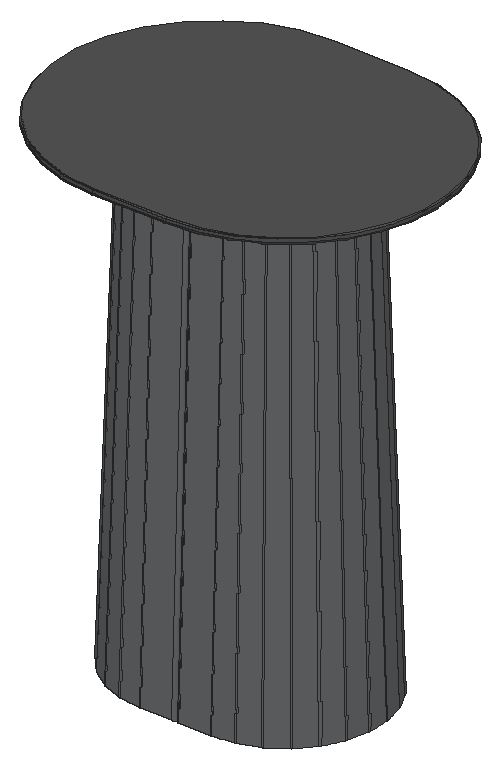
Revit family "NAU_Naughtone_Tbls_Tun", category Furniture, Revit 2018
Family settings
  OmniClass Number = 23.40.20.00
  OmniClass Title = General Furniture and Specialties
  Work Plane-Based = No
  Always vertical = Yes
  Cut with Voids When Loaded = No
  Shared = Yes
  Room Calculation Point = No
Parameters (values of type "Tun 420 Side Table Steel Base")
  WorksurfaceArea = 0.00 m²
  WarrantyStartDate [instance] = "1900-12-31T23:59:59"
  WarrantyGuarantorParts = "sales@naughtone.com"
  WarrantyGuarantorLabor = "sales@naughtone.com"
  WarrantyDurationUnit = "year"
  WarrantyDurationParts = "7"
  WarrantyDurationLabor = "7"
  WarrantyDescription = "Request warranty information from naughtone"
  Version = "1"
  UpholsteryMaterial [instance] = NAU_Kvadrat_Fabric_TonusMeadow_115
  Uniclass2015Version = "n/a"
  Uniclass2015Title = "Desks, tables and worktops"
  Uniclass2015Code = "Pr_40_50_21"
  URL = "www.naughtone.com"
  TagNumber [instance] = "n/a"
  TableTopMaterial [instance] = NAU_Generic_MFMDF_Black
  SustainabilityPerformance = "n/a"  # constant formula
  Style = "n/a"
  Size = "422 x 340 x 550mm"
  Shape = "Rectangular"
  SerialNumber [instance] = "n/a"
  Revision = "0"
  ReplacementCost = "n/a"
  Radius = NominalWidth / 2  # 170 mm
  ProductInformation = "www.naughtone.com/products/"
  NumberOfChairs = 0
  NominalWidth = 340 mm
  NominalLength = 422 mm
  NominalHeight = 550 mm
  Name = "Tables_Tun_Naughtone"
  NBSTypeID = "n/a"
  NBSReference = "45-35-86/327"
  NBSOfficeMasterTag = "n/a"
  NBSDescription = "Tables"
  ModelReference = "Tun 420 Side Table Steel Base"
  ModelNumber = "TUN420ST"
  Model = ModelNumber  # "TUN420ST"
  Material = "Top available in white or black MFMDF; oak or walnut veneer; or Forbo lino"
  ManufacturerURL = "www.naughtone.com"
  ManufacturerName = "Naughtone"  # constant formula
  ManufacturerAddress = "Knaresborough Tech Park, Manse Lane, Knaresborough, HG5 8LF"
  Manufacturer = "sales@naughtone.com"
  MainColor = Color  # "Black"
  Keynote = Uniclass2015Code  # "Pr_40_50_21"
  IsTUN920UP = no
  IsTUN920ST = no
  IsTUN620UP = no
  IsTUN620ST = no
  IsTUN420UP = no
  IsTUN420ST = yes
  InstallationDate [instance] = "1900-12-31T23:59:59"
  IfcExportType = "TABLE"
  IfcExportAs = "IfcFurnishingElementType"
  Grade = "n/a"
  Finish = "Black, white or RAL steel base\r\n"
  Features = "n/a"
  ExpectedLife = "n/a"
  DurationUnit = "year"
  Description = ModelReference  # "Tun 420 Side Table Steel Base"
  ContactTelephoneNumber = "+44 (0) 1423 816500"
  ContactEmailAddress = "sales@naughtone.com"
  Constituents = "n/a"
  Color = "Black"
  CodePerformance = "n/a"
  Category = "Pr_40_50_21 : Desks, tables and worktops"
  BaseMaterial [instance] = NAU_Naughtone_Metal_PowderCoatSteel_BlackGrey
  BarCode [instance] = "n/a"
  BIMObjectName = "NAU_Naughtone_Tables_Tun"
  Author = "BIMBox"  # constant formula
  AssetType = "Movable"
  AssetIdentifier [instance] = "n/a"
  Assembly Code = "E2020200"
  AccessibilityPerformance = "n/a"
Reference planes
  plane 1 "Center (Front/Back)": y = 0
  plane 2: z = 0
  plane 3 "Center (Left/Right)": x = 0
  plane 4: y = 170
  plane 5: y = -170
  plane 6: x = -211
  plane 7: x = 211
  plane 8: z = 550
  plane 9: x = -41
  plane 10: x = 41
  plane 11: z = 532
Forms (mm)
  Extrusion 1, solid, material "NAU_Generic_MFMDF_Black" <- "TableTopMaterial"
    sketch origin (0, 0, 0) x (1, 0, 0) y (0, 1, 0)
      loop
        line (41, 170) -> (-41, 170)
        arc (-41, 170) -> (-211, 0) -> (-41, -170) r 170
        line (-41, -170) -> (41, -170)
        arc (41, -170) -> (211, 0) -> (41, 170) r 170
    from 532 to 550
  Sweep 2, void
    path in 3D
      loop
        arc (-41, 170, 550) -> (-211, 0, 550) -> (-41, -170, 550) r 170
        line (-41, -170, 550) -> (41, -170, 550)
        arc (41, -170, 550) -> (211, 0, 550) -> (41, 170, 550) r 170
        line (41, 170, 550) -> (-41, 170, 550)
    profile origin (0, 170, 550) x (0, -1, 0) y (0, 0, 1)
      loop
        line (1, 0) -> (0, 0) -> (0, -1) -> (1, 0)
      loop
        line (40, -18) -> (1.425, -6.428)
        arc (1.425, -6.428) -> (0.395, -5.706) -> (0, -4.512) r 2
        line (0, -4.512) -> (0, -18) -> (40, -18)
  Blend 3, solid, material "NAU_Kvadrat_Fabric_TonusMeadow_115" <- "UpholsteryMaterial", visible <- "IsTUN920UP"
    base sketch origin (0, 0, 0) x (1, 0, 0) y (0, 1, 0)
      loop
        line (-2.5, 177.717) -> (-108.843, 177.717)
        arc (-108.843, 177.717) -> (-286.56, 0) -> (-108.843, -177.717) r 177.717
        line (-108.843, -177.717) -> (-2.5, -177.717)
        arc (-2.5, -177.717) -> (-0.732, -176.985) -> (0, -175.217) r 2.5
        line (0, -175.217) -> (0, -148.506)
        arc (0, -148.506) -> (-0.732, -146.738) -> (-2.5, -146.006) r 2.5
        line (-2.5, -146.006) -> (-108.843, -146.006)
        arc (-108.843, -146.006) -> (-254.849, 0) -> (-108.843, 146.006) r 146.006
        line (-108.843, 146.006) -> (-2.5, 146.006)
        arc (-2.5, 146.006) -> (-0.732, 146.738) -> (0, 148.506) r 2.5
        line (0, 148.506) -> (0, 175.217)
        arc (0, 175.217) -> (-0.732, 176.985) -> (-2.5, 177.717) r 2.5
    top sketch origin (0, 0, 0) x (1, 0, 0) y (0, 1, 0)
      loop
        line (-2.5, 165.842) -> (-108.843, 165.842)
        arc (-108.843, 165.842) -> (-274.686, 0) -> (-108.843, -165.842) r 165.842
        line (-108.843, -165.842) -> (-2.5, -165.842)
        arc (-2.5, -165.842) -> (-0.732, -165.11) -> (0, -163.342) r 2.5
        line (0, -163.342) -> (0, -136.631)
        arc (0, -136.631) -> (-0.732, -134.863) -> (-2.5, -134.131) r 2.5
        line (-2.5, -134.131) -> (-108.843, -134.131)
        arc (-108.843, -134.131) -> (-242.974, 0) -> (-108.843, 134.131) r 134.131
        line (-108.843, 134.131) -> (-2.5, 134.131)
        arc (-2.5, 134.131) -> (-0.732, 134.863) -> (0, 136.631) r 2.5
        line (0, 136.631) -> (0, 163.342)
        arc (0, 163.342) -> (-0.732, 165.11) -> (-2.5, 165.842) r 2.5
    from 0 to 332
  Blend 4, solid, material "NAU_Kvadrat_Fabric_TonusMeadow_115" <- "UpholsteryMaterial", visible <- "IsTUN920UP"
    base sketch origin (0, 0, 0) x (-1, 0, 0) y (0, -1, 0)
      loop
        arc (-2.5, -177.717) -> (-0.732, -176.985) -> (0, -175.217) r 2.5
        line (0, -175.217) -> (0, -148.506)
        arc (0, -148.506) -> (-0.732, -146.738) -> (-2.5, -146.006) r 2.5
        line (-2.5, -146.006) -> (-108.843, -146.006)
        arc (-108.843, -146.006) -> (-254.849, 0) -> (-108.843, 146.006) r 146.006
        line (-108.843, 146.006) -> (-2.5, 146.006)
        arc (-2.5, 146.006) -> (-0.732, 146.738) -> (0, 148.506) r 2.5
        line (0, 148.506) -> (0, 175.217)
        arc (0, 175.217) -> (-0.732, 176.985) -> (-2.5, 177.717) r 2.5
        line (-2.5, 177.717) -> (-108.843, 177.717)
        arc (-108.843, 177.717) -> (-286.56, 0) -> (-108.843, -177.717) r 177.717
        line (-108.843, -177.717) -> (-2.5, -177.717)
    top sketch origin (0, 0, 0) x (-1, 0, 0) y (0, -1, 0)
      loop
        arc (-2.5, -165.842) -> (-0.732, -165.11) -> (0, -163.342) r 2.5
        line (0, -163.342) -> (0, -136.631)
        arc (0, -136.631) -> (-0.732, -134.863) -> (-2.5, -134.131) r 2.5
        line (-2.5, -134.131) -> (-108.843, -134.131)
        arc (-108.843, -134.131) -> (-242.974, 0) -> (-108.843, 134.131) r 134.131
        line (-108.843, 134.131) -> (-2.5, 134.131)
        arc (-2.5, 134.131) -> (-0.732, 134.863) -> (0, 136.631) r 2.5
        line (0, 136.631) -> (0, 163.342)
        arc (0, 163.342) -> (-0.732, 165.11) -> (-2.5, 165.842) r 2.5
        line (-2.5, 165.842) -> (-108.843, 165.842)
        arc (-108.843, 165.842) -> (-274.686, 0) -> (-108.843, -165.842) r 165.842
        line (-108.843, -165.842) -> (-2.5, -165.842)
    from 0 to 332
  Blend 5, solid, material "NAU_Kvadrat_Fabric_TonusMeadow_115" <- "UpholsteryMaterial", visible <- "IsTUN620UP"
    base sketch origin (0, 0, 0) x (1, 0, 0) y (0, 1, 0)
      loop
        line (-2.5, 142.581) -> (-52.929, 142.581)
        arc (-52.929, 142.581) -> (-195.51, 0) -> (-52.929, -142.581) r 142.581
        line (-52.929, -142.581) -> (-2.5, -142.581)
        arc (-2.5, -142.581) -> (-0.732, -141.848) -> (0, -140.081) r 2.5
        line (0, -140.081) -> (0, -113.369)
        arc (0, -113.369) -> (-0.732, -111.602) -> (-2.5, -110.869) r 2.5
        line (-2.5, -110.869) -> (-52.929, -110.869)
        arc (-52.929, -110.869) -> (-163.798, 0) -> (-52.929, 110.869) r 110.869
        line (-52.929, 110.869) -> (-2.5, 110.869)
        arc (-2.5, 110.869) -> (-0.732, 111.602) -> (0, 113.369) r 2.5
        line (0, 113.369) -> (0, 140.081)
        arc (0, 140.081) -> (-0.732, 141.848) -> (-2.5, 142.581) r 2.5
    top sketch origin (0, 0, 0) x (1, 0, 0) y (0, 1, 0)
      loop
        line (-2.5, 128.638) -> (-51.97, 128.638)
        arc (-51.97, 128.638) -> (-180.608, 0) -> (-51.97, -128.638) r 128.638
        line (-51.97, -128.638) -> (-2.5, -128.638)
        arc (-2.5, -128.638) -> (-0.732, -127.906) -> (0, -126.138) r 2.5
        line (0, -126.138) -> (0, -99.426)
        arc (0, -99.426) -> (-0.732, -97.659) -> (-2.5, -96.926) r 2.5
        line (-2.5, -96.926) -> (-51.97, -96.926)
        arc (-51.97, -96.926) -> (-148.897, 0) -> (-51.97, 96.926) r 96.926
        line (-51.97, 96.926) -> (-2.5, 96.926)
        arc (-2.5, 96.926) -> (-0.732, 97.659) -> (0, 99.426) r 2.5
        line (0, 99.426) -> (0, 126.138)
        arc (0, 126.138) -> (-0.732, 127.906) -> (-2.5, 128.638) r 2.5
    from 0 to 432
  Blend 6, solid, material "NAU_Kvadrat_Fabric_TonusMeadow_115" <- "UpholsteryMaterial", visible <- "IsTUN620UP"
    base sketch origin (0, 0, 0) x (-1, 0, 0) y (0, -1, 0)
      loop
        arc (-2.5, -142.581) -> (-0.732, -141.848) -> (0, -140.081) r 2.5
        line (0, -140.081) -> (0, -113.369)
        arc (0, -113.369) -> (-0.732, -111.602) -> (-2.5, -110.869) r 2.5
        line (-2.5, -110.869) -> (-52.929, -110.869)
        arc (-52.929, -110.869) -> (-163.798, 0) -> (-52.929, 110.869) r 110.869
        line (-52.929, 110.869) -> (-2.5, 110.869)
        arc (-2.5, 110.869) -> (-0.732, 111.602) -> (0, 113.369) r 2.5
        line (0, 113.369) -> (0, 140.081)
        arc (0, 140.081) -> (-0.732, 141.848) -> (-2.5, 142.581) r 2.5
        line (-2.5, 142.581) -> (-52.929, 142.581)
        arc (-52.929, 142.581) -> (-195.51, 0) -> (-52.929, -142.581) r 142.581
        line (-52.929, -142.581) -> (-2.5, -142.581)
    top sketch origin (0, 0, 0) x (-1, 0, 0) y (0, -1, 0)
      loop
        arc (-2.5, -128.638) -> (-0.732, -127.906) -> (0, -126.138) r 2.5
        line (0, -126.138) -> (0, -99.426)
        arc (0, -99.426) -> (-0.732, -97.659) -> (-2.5, -96.926) r 2.5
        line (-2.5, -96.926) -> (-51.97, -96.926)
        arc (-51.97, -96.926) -> (-148.897, 0) -> (-51.97, 96.926) r 96.926
        line (-51.97, 96.926) -> (-2.5, 96.926)
        arc (-2.5, 96.926) -> (-0.732, 97.659) -> (0, 99.426) r 2.5
        line (0, 99.426) -> (0, 126.138)
        arc (0, 126.138) -> (-0.732, 127.906) -> (-2.5, 128.638) r 2.5
        line (-2.5, 128.638) -> (-51.97, 128.638)
        arc (-51.97, 128.638) -> (-180.608, 0) -> (-51.97, -128.638) r 128.638
        line (-51.97, -128.638) -> (-2.5, -128.638)
    from 0 to 432
  Blend 7, solid, material "NAU_Kvadrat_Fabric_TonusMeadow_115" <- "UpholsteryMaterial", visible <- "IsTUN420UP"
    base sketch origin (0, 0, 0) x (1, 0, 0) y (0, 1, 0)
      loop
        line (-2.5, 108.577) -> (-39.926, 108.577)
        arc (-39.926, 108.577) -> (-148.503, 0) -> (-39.926, -108.577) r 108.577
        line (-39.926, -108.577) -> (-2.5, -108.577)
        arc (-2.5, -108.577) -> (-0.732, -107.844) -> (0, -106.076) r 2.5
        line (0, -106.076) -> (0, -79.365)
        arc (0, -79.365) -> (-0.732, -77.598) -> (-2.5, -76.865) r 2.5
        line (-2.5, -76.865) -> (-39.926, -76.865)
        arc (-39.926, -76.865) -> (-116.791, 0) -> (-39.926, 76.865) r 76.865
        line (-39.926, 76.865) -> (-2.5, 76.865)
        arc (-2.5, 76.865) -> (-0.732, 77.598) -> (0, 79.365) r 2.5
        line (0, 79.365) -> (0, 106.076)
        arc (0, 106.076) -> (-0.732, 107.844) -> (-2.5, 108.577) r 2.5
    top sketch origin (0, 0, 0) x (1, 0, 0) y (0, 1, 0)
      loop
        line (-2.5, 90.973) -> (-39.521, 90.973)
        arc (-39.521, 90.973) -> (-130.494, 0) -> (-39.521, -90.973) r 90.973
        line (-39.521, -90.973) -> (-2.5, -90.973)
        arc (-2.5, -90.973) -> (-0.732, -90.241) -> (0, -88.473) r 2.5
        line (0, -88.473) -> (0, -61.762)
        arc (0, -61.762) -> (-0.732, -59.994) -> (-2.5, -59.262) r 2.5
        line (-2.5, -59.262) -> (-39.521, -59.262)
        arc (-39.521, -59.262) -> (-98.783, 0) -> (-39.521, 59.262) r 59.262
        line (-39.521, 59.262) -> (-2.5, 59.262)
        arc (-2.5, 59.262) -> (-0.732, 59.994) -> (0, 61.762) r 2.5
        line (0, 61.762) -> (0, 88.473)
        arc (0, 88.473) -> (-0.732, 90.241) -> (-2.5, 90.973) r 2.5
    from 0 to 532
  Blend 8, solid, material "NAU_Kvadrat_Fabric_TonusMeadow_115" <- "UpholsteryMaterial", visible <- "IsTUN420UP"
    base sketch origin (0, 0, 0) x (1, 0, 0) y (0, 1, 0)
      loop
        arc (2.5, 108.577) -> (0.732, 107.844) -> (0, 106.076) r 2.5
        line (0, 106.076) -> (0, 79.365)
        arc (0, 79.365) -> (0.732, 77.598) -> (2.5, 76.865) r 2.5
        line (2.5, 76.865) -> (39.926, 76.865)
        arc (39.926, 76.865) -> (116.791, 0) -> (39.926, -76.865) r 76.865
        line (39.926, -76.865) -> (2.5, -76.865)
        arc (2.5, -76.865) -> (0.732, -77.598) -> (0, -79.365) r 2.5
        line (0, -79.365) -> (0, -106.076)
        arc (0, -106.076) -> (0.732, -107.844) -> (2.5, -108.577) r 2.5
        line (2.5, -108.577) -> (39.926, -108.577)
        arc (39.926, -108.577) -> (148.503, 0) -> (39.926, 108.577) r 108.577
        line (39.926, 108.577) -> (2.5, 108.577)
    top sketch origin (0, 0, 0) x (1, 0, 0) y (0, 1, 0)
      loop
        arc (2.5, 90.973) -> (0.732, 90.241) -> (0, 88.473) r 2.5
        line (0, 88.473) -> (0, 61.762)
        arc (0, 61.762) -> (0.732, 59.994) -> (2.5, 59.262) r 2.5
        line (2.5, 59.262) -> (39.521, 59.262)
        arc (39.521, 59.262) -> (98.783, 0) -> (39.521, -59.262) r 59.262
        line (39.521, -59.262) -> (2.5, -59.262)
        arc (2.5, -59.262) -> (0.732, -59.994) -> (0, -61.762) r 2.5
        line (0, -61.762) -> (0, -88.473)
        arc (0, -88.473) -> (0.732, -90.241) -> (2.5, -90.973) r 2.5
        line (2.5, -90.973) -> (39.521, -90.973)
        arc (39.521, -90.973) -> (130.494, 0) -> (39.521, 90.973) r 90.973
        line (39.521, 90.973) -> (2.5, 90.973)
    from 0 to 532
Cuts and joins
  Sweep 2 cuts Extrusion 1
Lines and regions (mm)
  sketch lines
    curve 1: line (41, 170, 550) -> (-41, 170, 550)
    curve 2: arc (-41, -170, 550) -> (-211, 0, 550) -> (-41, 170, 550) r 170
    curve 3: arc (41, 170, 550) -> (211, 0, 550) -> (41, -170, 550) r 170
    curve 4: line (-41, -170, 550) -> (41, -170, 550)
Dimensions and locks
  equal spacing: plane 6, plane 3 "Center (Left/Right)", plane 7
  "NominalLength": plane 6 to plane 7
  equal spacing: plane 5, plane 1 "Center (Front/Back)", plane 4
  "NominalWidth": plane 5 to plane 4
  "Radius": plane 6 to plane 9
  "Radius": plane 10 to plane 7
  locked: plane 11 to plane 8 at 18
  "NominalHeight": plane 8 to plane 2
  profile plane to Sweep 2 sketch curve to Sweep 2 sketch curve = 2 mm locked, 38 mm locked
  locked: profile plane to Sweep 2 sketch curve at 1  (x2)
  Blend 3 sketch curve to Blend 3 sketch curve to Blend 3 sketch curve to Blend 3 sketch curve to plane 1 "Center (Front/Back)" to Blend 3 sketch curve to Blend 3 sketch curve to Blend 3 sketch curve to Blend 3 sketch curve = 2.5 mm locked, 26.711 mm locked, 2.5 mm locked, 134.131 mm locked, 134.131 mm locked, 2.5 mm locked, 26.711 mm locked, 2.5 mm locked
  plane 3 "Center (Left/Right)" to Blend 3 sketch curve to Blend 3 sketch curve to Blend 3 sketch curve to Blend 3 sketch curve to Blend 3 sketch curve to Blend 3 sketch curve = 2.5 mm locked, 0 mm locked, 0 mm locked, 0 mm locked, 106.343 mm locked, 0 mm locked  (x2)
  Blend 3 sketch curve to Blend 3 sketch curve to Blend 3 sketch curve to Blend 3 sketch curve to plane 1 "Center (Front/Back)" to Blend 3 sketch curve to Blend 3 sketch curve to Blend 3 sketch curve to Blend 3 sketch curve = 2.5 mm locked, 26.711 mm locked, 2.5 mm locked, 146.006 mm locked, 146.006 mm locked, 2.5 mm locked, 26.711 mm locked, 2.5 mm locked
  Blend 5 sketch curve to Blend 5 sketch curve to Blend 5 sketch curve to Blend 5 sketch curve to plane 1 "Center (Front/Back)" to Blend 5 sketch curve to Blend 5 sketch curve to Blend 5 sketch curve to Blend 5 sketch curve = 2.5 mm locked, 26.711 mm locked, 2.5 mm locked, 96.926 mm locked, 96.926 mm locked, 2.5 mm locked, 26.711 mm locked, 2.5 mm locked
  plane 3 "Center (Left/Right)" to Blend 5 sketch curve to Blend 5 sketch curve to Blend 5 sketch curve to Blend 5 sketch curve to Blend 5 sketch curve to Blend 5 sketch curve = 2.5 mm locked, 0 mm locked, 0 mm locked, 0 mm locked, 49.47 mm locked, 0 mm locked
  plane 3 "Center (Left/Right)" to Blend 5 sketch curve to Blend 5 sketch curve to Blend 5 sketch curve to Blend 5 sketch curve to Blend 5 sketch curve to Blend 5 sketch curve = 2.5 mm locked, 0 mm locked, 0 mm locked, 0 mm locked, 50.429 mm locked, 0 mm locked
  Blend 5 sketch curve to Blend 5 sketch curve to Blend 5 sketch curve to Blend 5 sketch curve to plane 1 "Center (Front/Back)" to Blend 5 sketch curve to Blend 5 sketch curve to Blend 5 sketch curve to Blend 5 sketch curve = 2.5 mm locked, 26.711 mm locked, 2.5 mm locked, 110.869 mm locked, 110.869 mm locked, 2.5 mm locked, 26.711 mm locked, 2.5 mm locked
  Blend 7 sketch curve to Blend 7 sketch curve to Blend 7 sketch curve to Blend 7 sketch curve to plane 1 "Center (Front/Back)" to Blend 7 sketch curve to Blend 7 sketch curve to Blend 7 sketch curve to Blend 7 sketch curve = 2.5 mm locked, 26.711 mm locked, 2.5 mm locked, 76.865 mm locked, 76.865 mm locked, 2.5 mm locked, 26.711 mm locked, 2.5 mm locked
  Blend 7 sketch curve to Blend 7 sketch curve to Blend 7 sketch curve to Blend 7 sketch curve to Blend 7 sketch curve to Blend 7 sketch curve to plane 3 "Center (Left/Right)" = 0 mm locked, 37.426 mm locked, 0 mm locked, 0 mm locked, 0 mm locked, 2.5 mm locked
  Blend 7 sketch curve to Blend 7 sketch curve to Blend 7 sketch curve to Blend 7 sketch curve to plane 1 "Center (Front/Back)" to Blend 7 sketch curve to Blend 7 sketch curve to Blend 7 sketch curve to Blend 7 sketch curve = 2.5 mm locked, 26.711 mm locked, 2.5 mm locked, 59.262 mm locked, 59.262 mm locked, 2.5 mm locked, 26.711 mm locked, 2.5 mm locked
  Blend 7 sketch curve to Blend 7 sketch curve to Blend 7 sketch curve to Blend 7 sketch curve to Blend 7 sketch curve to Blend 7 sketch curve to plane 3 "Center (Left/Right)" = 0 mm locked, 37.021 mm locked, 0 mm locked, 0 mm locked, 0 mm locked, 2.5 mm locked
  Blend 8 sketch curve to Blend 8 sketch curve to Blend 8 sketch curve to Blend 8 sketch curve to plane 1 "Center (Front/Back)" to Blend 8 sketch curve to Blend 8 sketch curve to Blend 8 sketch curve to Blend 8 sketch curve = 2.5 mm locked, 26.711 mm locked, 2.5 mm locked, 59.262 mm locked, 59.262 mm locked, 2.5 mm locked, 26.711 mm locked, 2.5 mm locked
  Blend 8 sketch curve to Blend 8 sketch curve to Blend 8 sketch curve to Blend 8 sketch curve to Blend 8 sketch curve to Blend 8 sketch curve to plane 3 "Center (Left/Right)" = 0 mm locked, 37.021 mm locked, 0 mm locked, 0 mm locked, 0 mm locked, 2.5 mm locked
  Blend 8 sketch curve to Blend 8 sketch curve to Blend 8 sketch curve to Blend 8 sketch curve to plane 1 "Center (Front/Back)" to Blend 8 sketch curve to Blend 8 sketch curve to Blend 8 sketch curve to Blend 8 sketch curve = 2.5 mm locked, 26.711 mm locked, 2.5 mm locked, 76.865 mm locked, 76.865 mm locked, 2.5 mm locked, 26.711 mm locked, 2.5 mm locked
  Blend 8 sketch curve to Blend 8 sketch curve to Blend 8 sketch curve to Blend 8 sketch curve to Blend 8 sketch curve to Blend 8 sketch curve to plane 3 "Center (Left/Right)" = 0 mm locked, 37.426 mm locked, 0 mm locked, 0 mm locked, 0 mm locked, 2.5 mm locked
  Blend 6 sketch curve to Blend 6 sketch curve to Blend 6 sketch curve to Blend 6 sketch curve to Blend 6 sketch curve to Blend 6 sketch curve to plane 3 "Center (Left/Right)" = 0 mm locked, 49.47 mm locked, 0 mm locked, 0 mm locked, 0 mm locked, 2.5 mm locked
  Blend 6 sketch curve to Blend 6 sketch curve to Blend 6 sketch curve to Blend 6 sketch curve to plane 1 "Center (Front/Back)" to Blend 6 sketch curve to Blend 6 sketch curve to Blend 6 sketch curve to Blend 6 sketch curve = 2.5 mm locked, 26.711 mm locked, 2.5 mm locked, 96.926 mm locked, 96.926 mm locked, 2.5 mm locked, 26.711 mm locked, 2.5 mm locked
  Blend 6 sketch curve to Blend 6 sketch curve to Blend 6 sketch curve to Blend 6 sketch curve to Blend 6 sketch curve to Blend 6 sketch curve to plane 3 "Center (Left/Right)" = 0 mm locked, 50.429 mm locked, 0 mm locked, 0 mm locked, 0 mm locked, 2.5 mm locked
  Blend 6 sketch curve to Blend 6 sketch curve to Blend 6 sketch curve to Blend 6 sketch curve to plane 1 "Center (Front/Back)" to Blend 6 sketch curve to Blend 6 sketch curve to Blend 6 sketch curve to Blend 6 sketch curve = 2.5 mm locked, 26.711 mm locked, 2.5 mm locked, 110.869 mm locked, 110.869 mm locked, 2.5 mm locked, 26.711 mm locked, 2.5 mm locked
  Blend 4 sketch curve to Blend 4 sketch curve to Blend 4 sketch curve to Blend 4 sketch curve to Blend 4 sketch curve to Blend 4 sketch curve to plane 3 "Center (Left/Right)" = 0 mm locked, 106.343 mm locked, 0 mm locked, 0 mm locked, 0 mm locked, 2.5 mm locked
  Blend 4 sketch curve to Blend 4 sketch curve to Blend 4 sketch curve to Blend 4 sketch curve to plane 1 "Center (Front/Back)" to Blend 4 sketch curve to Blend 4 sketch curve to Blend 4 sketch curve to Blend 4 sketch curve = 2.5 mm locked, 26.711 mm locked, 2.5 mm locked, 134.131 mm locked, 134.131 mm locked, 2.5 mm locked, 26.711 mm locked, 2.5 mm locked
  Blend 4 sketch curve to Blend 4 sketch curve to Blend 4 sketch curve to Blend 4 sketch curve to plane 1 "Center (Front/Back)" to Blend 4 sketch curve to Blend 4 sketch curve to Blend 4 sketch curve to Blend 4 sketch curve = 2.5 mm locked, 26.711 mm locked, 2.5 mm locked, 146.006 mm locked, 146.006 mm locked, 2.5 mm locked, 26.711 mm locked, 2.5 mm locked
  plane 3 "Center (Left/Right)" to Blend 4 sketch curve to Blend 4 sketch curve to Blend 4 sketch curve to Blend 4 sketch curve to Blend 4 sketch curve to Blend 4 sketch curve = 2.5 mm locked, 0 mm locked, 0 mm locked, 0 mm locked, 106.343 mm locked, 0 mm locked
  "Radius": radius of Extrusion 1 sketch curve  (x2)
  aligned and locked: level to plane 2
  aligned and locked: Extrusion 1 sketch curve to plane 5
  aligned and locked: plane 8 to Extrusion 1
  aligned and locked: plane 11 to Extrusion 1
  aligned and locked: plane 1 "Center (Front/Back)" to Extrusion 1 sketch curve
  aligned and locked: plane 10 to Extrusion 1 sketch curve
  aligned and locked: plane 9 to Extrusion 1 sketch curve
  aligned and locked: profile plane to Sweep 2 sketch curve  (x3)
  aligned and locked: Sweep 2 sketch curve to plane 11
  aligned and locked: plane 1 "Center (Front/Back)" to Blend 3 sketch curve  (x4)
  aligned and locked: plane 1 "Center (Front/Back)" to Blend 5 sketch curve  (x4)
  aligned and locked: plane 1 "Center (Front/Back)" to Blend 7 sketch curve  (x4)
  aligned and locked: plane 1 "Center (Front/Back)" to Blend 8 sketch curve  (x4)
  aligned and locked: plane 1 "Center (Front/Back)" to Blend 6 sketch curve  (x4)
  aligned and locked: plane 1 "Center (Front/Back)" to Blend 4 sketch curve  (x2)
  aligned and locked: plane 1 "Center (Front/Back)" to nested 1
  aligned and locked: plane 3 "Center (Left/Right)" to nested 1
Automatic sketch dimensions
  Sweep 2 sketch curve to profile plane = 0 mm
  Sweep 2 sketch curve to profile plane = 1.425 mm
  Sweep 2 sketch curve to Sweep 2 sketch curve = 5.428 mm
  Sweep 2 sketch curve to Sweep 2 sketch curve = 0 mm
Nested families
  nested 1: "NAU_Naughtone_Tbls_Tun_SteelBase" at (0, 0, 0), IsTUN420ST <- "IsTUN420ST", IsTUN620ST <- "IsTUN620ST", IsTUN920ST <- "IsTUN920ST", BaseMaterial <- "BaseMaterial", type "NAU_Naughtone_Tbls_Tun_SteelBase"
    with IsTUN920ST no, IsTUN620ST no, IsTUN420ST yes
Definition of nested family "NAU_Naughtone_Tbls_Tun_SteelBase"
  Parameters (values of type "NAU_Naughtone_Tbls_Tun_SteelBase")
    IsTUN920ST [instance] = no
    IsTUN620ST [instance] = no
    IsTUN420ST [instance] = yes
    BaseMaterial [instance] = none
  Reference planes
    plane 1 "Center (Front/Back)": y = 0
    plane 2: z = 0
    plane 3 "Center (Left/Right)": x = 0
  Forms (mm)
    Blend 1, solid, material <- "BaseMaterial", visible <- "IsTUN920ST"
      base sketch origin (0, 0, 0) x (1, 0, 0) y (0, 1, 0)
        loop
          arc (-108.056, 174.966) -> (-108.518, 174.955) -> (-108.978, 174.923) r 10
          line (-108.978, 174.923) -> (-139.568, 172.089)
          arc (-139.568, 172.089) -> (-140.3, 171.987) -> (-141.019, 171.817) r 8
          line (-141.019, 171.817) -> (-170.654, 163.386)
          arc (-170.654, 163.386) -> (-171.355, 163.151) -> (-172.031, 162.852) r 8
          line (-172.031, 162.852) -> (-199.612, 149.118)
          arc (-199.612, 149.118) -> (-200.258, 148.759) -> (-200.867, 148.341) r 8
          line (-200.867, 148.341) -> (-225.455, 129.773)
          arc (-225.455, 129.773) -> (-226.024, 129.301) -> (-226.546, 128.779) r 8
          line (-226.546, 128.779) -> (-247.304, 106.009)
          arc (-247.304, 106.009) -> (-247.776, 105.44) -> (-248.193, 104.831) r 8
          line (-248.193, 104.831) -> (-264.413, 78.635)
          arc (-264.413, 78.635) -> (-264.773, 77.989) -> (-265.071, 77.313) r 8
          line (-265.071, 77.313) -> (-276.202, 48.582)
          arc (-276.202, 48.582) -> (-276.437, 47.881) -> (-276.606, 47.162) r 8
          line (-276.606, 47.162) -> (-282.267, 16.876)
          arc (-282.267, 16.876) -> (-282.369, 16.144) -> (-282.403, 15.406) r 8
          line (-282.403, 15.406) -> (-282.403, -15.406)
          arc (-282.403, -15.406) -> (-282.369, -16.144) -> (-282.267, -16.876) r 8
          line (-282.267, -16.876) -> (-276.606, -47.162)
          arc (-276.606, -47.162) -> (-276.437, -47.881) -> (-276.202, -48.582) r 8
          line (-276.202, -48.582) -> (-265.071, -77.313)
          arc (-265.071, -77.313) -> (-264.773, -77.989) -> (-264.413, -78.635) r 8
          line (-264.413, -78.635) -> (-248.193, -104.831)
          arc (-248.193, -104.831) -> (-247.776, -105.44) -> (-247.304, -106.009) r 8
          line (-247.304, -106.009) -> (-226.546, -128.779)
          arc (-226.546, -128.779) -> (-226.024, -129.301) -> (-225.455, -129.773) r 8
          line (-225.455, -129.773) -> (-200.867, -148.341)
          arc (-200.867, -148.341) -> (-200.258, -148.759) -> (-199.612, -149.118) r 8
          line (-199.612, -149.118) -> (-172.031, -162.852)
          arc (-172.031, -162.852) -> (-171.355, -163.151) -> (-170.654, -163.386) r 8
          line (-170.654, -163.386) -> (-141.019, -171.817)
          arc (-141.019, -171.817) -> (-140.3, -171.987) -> (-139.568, -172.089) r 8
          line (-139.568, -172.089) -> (-108.978, -174.923)
          arc (-108.978, -174.923) -> (-108.518, -174.955) -> (-108.056, -174.966) r 10
          line (-108.056, -174.966) -> (-4, -174.966)
          arc (-4, -174.966) -> (-1.172, -173.794) -> (0, -170.966) r 4
          line (0, -170.966) -> (0, -125.813) -> (-2, -125.813) -> (-2, -170.959)
          arc (-2, -170.959) -> (-2.588, -172.378) -> (-4.007, -172.966) r 2.007
          line (-4.007, -172.966) -> (-107.976, -172.966)
          arc (-107.976, -172.966) -> (-108.438, -172.955) -> (-108.899, -172.923) r 10
          line (-108.899, -172.923) -> (-139.199, -170.116)
          arc (-139.199, -170.116) -> (-139.931, -170.013) -> (-140.65, -169.844) r 8
          line (-140.65, -169.844) -> (-169.929, -161.514)
          arc (-169.929, -161.514) -> (-170.63, -161.279) -> (-171.306, -160.98) r 8
          line (-171.306, -160.98) -> (-198.555, -147.412)
          arc (-198.555, -147.412) -> (-199.201, -147.052) -> (-199.81, -146.635) r 8
          line (-199.81, -146.635) -> (-224.103, -128.29)
          arc (-224.103, -128.29) -> (-224.671, -127.818) -> (-225.194, -127.295) r 8
          line (-225.194, -127.295) -> (-245.702, -104.799)
          arc (-245.702, -104.799) -> (-246.174, -104.231) -> (-246.591, -103.621) r 8
          line (-246.591, -103.621) -> (-262.616, -77.74)
          arc (-262.616, -77.74) -> (-262.976, -77.094) -> (-263.274, -76.418) r 8
          line (-263.274, -76.418) -> (-274.271, -48.033)
          arc (-274.271, -48.033) -> (-274.506, -47.332) -> (-274.675, -46.613) r 8
          line (-274.675, -46.613) -> (-280.268, -16.69)
          arc (-280.268, -16.69) -> (-280.371, -15.959) -> (-280.405, -15.22) r 8
          line (-280.405, -15.22) -> (-280.405, 15.22)
          arc (-280.405, 15.22) -> (-280.371, 15.959) -> (-280.268, 16.69) r 8
          line (-280.268, 16.69) -> (-274.675, 46.613)
          arc (-274.675, 46.613) -> (-274.506, 47.332) -> (-274.271, 48.033) r 8
          line (-274.271, 48.033) -> (-263.274, 76.418)
          arc (-263.274, 76.418) -> (-262.976, 77.094) -> (-262.616, 77.74) r 8
          line (-262.616, 77.74) -> (-246.591, 103.621)
          arc (-246.591, 103.621) -> (-246.174, 104.231) -> (-245.702, 104.799) r 8
          line (-245.702, 104.799) -> (-225.194, 127.295)
          arc (-225.194, 127.295) -> (-224.671, 127.818) -> (-224.103, 128.29) r 8
          line (-224.103, 128.29) -> (-199.81, 146.635)
          arc (-199.81, 146.635) -> (-199.201, 147.052) -> (-198.555, 147.412) r 8
          line (-198.555, 147.412) -> (-171.306, 160.98)
          arc (-171.306, 160.98) -> (-170.63, 161.279) -> (-169.929, 161.514) r 8
          line (-169.929, 161.514) -> (-140.65, 169.844)
          arc (-140.65, 169.844) -> (-139.931, 170.013) -> (-139.199, 170.116) r 8
          line (-139.199, 170.116) -> (-108.899, 172.923)
          arc (-108.899, 172.923) -> (-108.438, 172.955) -> (-107.976, 172.966) r 10
          line (-107.976, 172.966) -> (-4.007, 172.966)
          arc (-4.007, 172.966) -> (-2.588, 172.378) -> (-2, 170.959) r 2.007
          line (-2, 170.959) -> (-2, 125.813) -> (0, 125.813) -> (0, 170.966)
          arc (0, 170.966) -> (-1.172, 173.794) -> (-4, 174.966) r 4
          line (-4, 174.966) -> (-108.056, 174.966)
      top sketch origin (0, 0, 0) x (1, 0, 0) y (0, 1, 0)
        loop
          arc (-107.688, 163.581) -> (-108.15, 163.57) -> (-108.61, 163.538) r 10
          line (-108.61, 163.538) -> (-137.47, 160.864)
          arc (-137.47, 160.864) -> (-138.202, 160.762) -> (-138.921, 160.593) r 8
          line (-138.921, 160.593) -> (-166.529, 152.737)
          arc (-166.529, 152.737) -> (-167.23, 152.503) -> (-167.906, 152.204) r 8
          line (-167.906, 152.204) -> (-193.601, 139.41)
          arc (-193.601, 139.41) -> (-194.246, 139.05) -> (-194.856, 138.632) r 8
          line (-194.856, 138.632) -> (-217.762, 121.334)
          arc (-217.762, 121.334) -> (-218.331, 120.862) -> (-218.853, 120.34) r 8
          line (-218.853, 120.34) -> (-238.191, 99.127)
          arc (-238.191, 99.127) -> (-238.663, 98.559) -> (-239.081, 97.949) r 8
          line (-239.081, 97.949) -> (-254.191, 73.545)
          arc (-254.191, 73.545) -> (-254.551, 72.899) -> (-254.849, 72.223) r 8
          line (-254.849, 72.223) -> (-265.218, 45.457)
          arc (-265.218, 45.457) -> (-265.453, 44.757) -> (-265.622, 44.037) r 8
          line (-265.622, 44.037) -> (-271.029, 15.116)
          arc (-271.029, 15.116) -> (-271.132, 14.372) -> (-271.165, 13.621) r 8
          line (-271.165, 13.621) -> (-271.076, -14.148)
          arc (-271.076, -14.148) -> (-271.041, -14.873) -> (-270.94, -15.593) r 8
          line (-270.94, -15.593) -> (-265.622, -44.038)
          arc (-265.622, -44.038) -> (-265.453, -44.757) -> (-265.218, -45.457) r 8
          line (-265.218, -45.457) -> (-254.849, -72.223)
          arc (-254.849, -72.223) -> (-254.551, -72.899) -> (-254.191, -73.545) r 8
          line (-254.191, -73.545) -> (-239.081, -97.949)
          arc (-239.081, -97.949) -> (-238.663, -98.559) -> (-238.191, -99.127) r 8
          line (-238.191, -99.127) -> (-218.853, -120.34)
          arc (-218.853, -120.34) -> (-218.331, -120.862) -> (-217.762, -121.335) r 8
          line (-217.762, -121.335) -> (-194.856, -138.633)
          arc (-194.856, -138.633) -> (-194.246, -139.05) -> (-193.601, -139.41) r 8
          line (-193.601, -139.41) -> (-167.906, -152.204)
          arc (-167.906, -152.204) -> (-167.23, -152.503) -> (-166.529, -152.738) r 8
          line (-166.529, -152.738) -> (-138.921, -160.593)
          arc (-138.921, -160.593) -> (-138.202, -160.762) -> (-137.47, -160.864) r 8
          line (-137.47, -160.864) -> (-108.612, -163.538)
          arc (-108.612, -163.538) -> (-108.151, -163.57) -> (-107.689, -163.581) r 10
          line (-107.689, -163.581) -> (-4, -163.581)
          arc (-4, -163.581) -> (-1.172, -162.409) -> (0, -159.581) r 4
          line (0, -159.581) -> (0, -125.813) -> (-2, -125.813) -> (-2, -159.574)
          arc (-2, -159.574) -> (-2.588, -160.993) -> (-4.007, -161.581) r 2.007
          line (-4.007, -161.581) -> (-107.61, -161.581)
          arc (-107.61, -161.581) -> (-108.072, -161.57) -> (-108.532, -161.538) r 10
          line (-108.532, -161.538) -> (-137.101, -158.891)
          arc (-137.101, -158.891) -> (-137.833, -158.789) -> (-138.552, -158.62) r 8
          line (-138.552, -158.62) -> (-165.804, -150.866)
          arc (-165.804, -150.866) -> (-166.505, -150.631) -> (-167.181, -150.332) r 8
          line (-167.181, -150.332) -> (-192.544, -137.703)
          arc (-192.544, -137.703) -> (-193.189, -137.344) -> (-193.799, -136.926) r 8
          line (-193.799, -136.926) -> (-216.41, -119.851)
          arc (-216.41, -119.851) -> (-216.978, -119.379) -> (-217.501, -118.857) r 8
          line (-217.501, -118.857) -> (-236.589, -97.918)
          arc (-236.589, -97.918) -> (-237.061, -97.349) -> (-237.479, -96.74) r 8
          line (-237.479, -96.74) -> (-252.394, -72.65)
          arc (-252.394, -72.65) -> (-252.754, -72.004) -> (-253.053, -71.328) r 8
          line (-253.053, -71.328) -> (-263.288, -44.908)
          arc (-263.288, -44.908) -> (-263.523, -44.207) -> (-263.692, -43.488) r 8
          line (-263.692, -43.488) -> (-268.987, -15.159)
          arc (-268.987, -15.159) -> (-269.089, -14.434) -> (-269.124, -13.702) r 8
          line (-269.124, -13.702) -> (-269.167, 13.444)
          arc (-269.167, 13.444) -> (-269.134, 14.188) -> (-269.031, 14.926) r 8
          line (-269.031, 14.926) -> (-263.692, 43.488)
          arc (-263.692, 43.488) -> (-263.523, 44.207) -> (-263.288, 44.908) r 8
          line (-263.288, 44.908) -> (-253.053, 71.328)
          arc (-253.053, 71.328) -> (-252.754, 72.004) -> (-252.394, 72.65) r 8
          line (-252.394, 72.65) -> (-237.479, 96.74)
          arc (-237.479, 96.74) -> (-237.061, 97.349) -> (-236.589, 97.918) r 8
          line (-236.589, 97.918) -> (-217.501, 118.856)
          arc (-217.501, 118.856) -> (-216.978, 119.379) -> (-216.41, 119.851) r 8
          line (-216.41, 119.851) -> (-193.799, 136.926)
          arc (-193.799, 136.926) -> (-193.189, 137.343) -> (-192.544, 137.703) r 8
          line (-192.544, 137.703) -> (-167.181, 150.332)
          arc (-167.181, 150.332) -> (-166.505, 150.631) -> (-165.804, 150.866) r 8
          line (-165.804, 150.866) -> (-138.552, 158.62)
          arc (-138.552, 158.62) -> (-137.833, 158.789) -> (-137.101, 158.891) r 8
          line (-137.101, 158.891) -> (-108.531, 161.538)
          arc (-108.531, 161.538) -> (-108.07, 161.57) -> (-107.608, 161.581) r 10
          line (-107.608, 161.581) -> (-4.007, 161.581)
          arc (-4.007, 161.581) -> (-2.588, 160.993) -> (-2, 159.574) r 2.007
          line (-2, 159.574) -> (-2, 125.813) -> (0, 125.813) -> (0, 159.581)
          arc (0, 159.581) -> (-1.172, 162.409) -> (-4, 163.581) r 4
          line (-4, 163.581) -> (-107.688, 163.581)
      from 0 to 331.866
    Blend 2, solid, material <- "BaseMaterial", visible <- "IsTUN620ST"
      base sketch origin (0, 0, 0) x (1, 0, 0) y (0, 1, 0)
        loop
          arc (-51.619, 139.155) -> (-52.038, 139.144) -> (-52.455, 139.111) r 8
          line (-52.455, 139.111) -> (-81.016, 136.109)
          arc (-81.016, 136.109) -> (-81.843, 135.978) -> (-82.652, 135.761) r 8
          line (-82.652, 135.761) -> (-108.701, 127.297)
          arc (-108.701, 127.297) -> (-109.483, 126.997) -> (-110.229, 126.617) r 8
          line (-110.229, 126.617) -> (-133.949, 112.922)
          arc (-133.949, 112.922) -> (-134.651, 112.466) -> (-135.302, 111.939) r 8
          line (-135.302, 111.939) -> (-155.657, 93.612)
          arc (-155.657, 93.612) -> (-156.249, 93.02) -> (-156.776, 92.369) r 8
          line (-156.776, 92.369) -> (-172.875, 70.21)
          arc (-172.875, 70.21) -> (-173.331, 69.508) -> (-173.711, 68.762) r 8
          line (-173.711, 68.762) -> (-184.852, 43.74)
          arc (-184.852, 43.74) -> (-185.152, 42.958) -> (-185.369, 42.149) r 8
          line (-185.369, 42.149) -> (-191.063, 15.358)
          arc (-191.063, 15.358) -> (-191.194, 14.531) -> (-191.238, 13.695) r 8
          line (-191.238, 13.695) -> (-191.238, -13.695)
          arc (-191.238, -13.695) -> (-191.194, -14.531) -> (-191.063, -15.358) r 8
          line (-191.063, -15.358) -> (-185.369, -42.149)
          arc (-185.369, -42.149) -> (-185.152, -42.958) -> (-184.852, -43.74) r 8
          line (-184.852, -43.74) -> (-173.712, -68.762)
          arc (-173.712, -68.762) -> (-173.331, -69.508) -> (-172.875, -70.21) r 8
          line (-172.875, -70.21) -> (-156.776, -92.369)
          arc (-156.776, -92.369) -> (-156.249, -93.02) -> (-155.657, -93.612) r 8
          line (-155.657, -93.612) -> (-135.302, -111.939)
          arc (-135.302, -111.939) -> (-134.652, -112.466) -> (-133.949, -112.922) r 8
          line (-133.949, -112.922) -> (-110.229, -126.617)
          arc (-110.229, -126.617) -> (-109.483, -126.997) -> (-108.701, -127.297) r 8
          line (-108.701, -127.297) -> (-82.652, -135.761)
          arc (-82.652, -135.761) -> (-81.843, -135.978) -> (-81.016, -136.109) r 8
          line (-81.016, -136.109) -> (-52.455, -139.111)
          arc (-52.455, -139.111) -> (-52.037, -139.144) -> (-51.619, -139.155) r 8
          line (-51.619, -139.155) -> (-4, -139.155)
          arc (-4, -139.155) -> (-1.172, -137.983) -> (0, -135.155) r 4
          line (0, -135.155) -> (0, -86.478) -> (-2, -86.478) -> (-2, -135.148)
          arc (-2, -135.148) -> (-2.588, -136.567) -> (-4.007, -137.155) r 2.007
          line (-4.007, -137.155) -> (-51.525, -137.155)
          arc (-51.525, -137.155) -> (-51.944, -137.144) -> (-52.362, -137.111) r 8
          line (-52.362, -137.111) -> (-80.598, -134.143)
          arc (-80.598, -134.143) -> (-81.425, -134.012) -> (-82.234, -133.795) r 8
          line (-82.234, -133.795) -> (-107.884, -125.461)
          arc (-107.884, -125.461) -> (-108.665, -125.161) -> (-109.412, -124.781) r 8
          line (-109.412, -124.781) -> (-132.768, -111.296)
          arc (-132.768, -111.296) -> (-133.47, -110.84) -> (-134.121, -110.313) r 8
          line (-134.121, -110.313) -> (-154.163, -92.267)
          arc (-154.163, -92.267) -> (-154.755, -91.675) -> (-155.282, -91.024) r 8
          line (-155.282, -91.024) -> (-171.135, -69.205)
          arc (-171.135, -69.205) -> (-171.591, -68.503) -> (-171.971, -67.757) r 8
          line (-171.971, -67.757) -> (-182.94, -43.119)
          arc (-182.94, -43.119) -> (-183.241, -42.337) -> (-183.457, -41.528) r 8
          line (-183.457, -41.528) -> (-189.065, -15.148)
          arc (-189.065, -15.148) -> (-189.196, -14.321) -> (-189.239, -13.485) r 8
          line (-189.239, -13.485) -> (-189.239, 13.485)
          arc (-189.239, 13.485) -> (-189.196, 14.321) -> (-189.065, 15.148) r 8
          line (-189.065, 15.148) -> (-183.457, 41.528)
          arc (-183.457, 41.528) -> (-183.241, 42.337) -> (-182.94, 43.119) r 8
          line (-182.94, 43.119) -> (-171.971, 67.757)
          arc (-171.971, 67.757) -> (-171.591, 68.503) -> (-171.135, 69.205) r 8
          line (-171.135, 69.205) -> (-155.282, 91.024)
          arc (-155.282, 91.024) -> (-154.755, 91.675) -> (-154.163, 92.267) r 8
          line (-154.163, 92.267) -> (-134.121, 110.313)
          arc (-134.121, 110.313) -> (-133.47, 110.84) -> (-132.768, 111.296) r 8
          line (-132.768, 111.296) -> (-109.411, 124.781)
          arc (-109.411, 124.781) -> (-108.665, 125.161) -> (-107.884, 125.461) r 8
          line (-107.884, 125.461) -> (-82.234, 133.796)
          arc (-82.234, 133.796) -> (-81.425, 134.012) -> (-80.598, 134.143) r 8
          line (-80.598, 134.143) -> (-52.362, 137.111)
          arc (-52.362, 137.111) -> (-51.944, 137.144) -> (-51.526, 137.155) r 8
          line (-51.526, 137.155) -> (-4.007, 137.155)
          arc (-4.007, 137.155) -> (-2.588, 136.567) -> (-2, 135.148) r 2.007
          line (-2, 135.148) -> (-2, 86.478) -> (0, 86.478) -> (0, 135.155)
          arc (0, 135.155) -> (-1.172, 137.983) -> (-4, 139.155) r 4
          line (-4, 139.155) -> (-51.619, 139.155)
      top sketch origin (0, 0, 0) x (1, 0, 0) y (0, 1, 0)
        loop
          arc (-52.521, 124.149) -> (-52.94, 124.138) -> (-53.357, 124.105) r 8
          line (-53.357, 124.105) -> (-77.916, 121.524)
          arc (-77.916, 121.524) -> (-78.743, 121.393) -> (-79.552, 121.176) r 8
          line (-79.552, 121.176) -> (-102.637, 113.676)
          arc (-102.637, 113.676) -> (-103.418, 113.376) -> (-104.164, 112.996) r 8
          line (-104.164, 112.996) -> (-125.185, 100.859)
          arc (-125.185, 100.859) -> (-125.887, 100.403) -> (-126.538, 99.876) r 8
          line (-126.538, 99.876) -> (-144.576, 83.635)
          arc (-144.576, 83.635) -> (-145.168, 83.043) -> (-145.695, 82.392) r 8
          line (-145.695, 82.392) -> (-159.962, 62.755)
          arc (-159.962, 62.755) -> (-160.418, 62.053) -> (-160.798, 61.307) r 8
          line (-160.798, 61.307) -> (-170.671, 39.133)
          arc (-170.671, 39.133) -> (-170.971, 38.351) -> (-171.188, 37.542) r 8
          line (-171.188, 37.542) -> (-176.368, 13.169)
          arc (-176.368, 13.169) -> (-176.499, 12.342) -> (-176.543, 11.506) r 8
          line (-176.543, 11.506) -> (-176.543, -12.149)
          arc (-176.543, -12.149) -> (-176.497, -13.008) -> (-176.359, -13.856) r 8
          line (-176.359, -13.856) -> (-171.178, -37.585)
          arc (-171.178, -37.585) -> (-170.964, -38.372) -> (-170.671, -39.132) r 8
          line (-170.671, -39.132) -> (-160.798, -61.306)
          arc (-160.798, -61.306) -> (-160.418, -62.052) -> (-159.962, -62.754) r 8
          line (-159.962, -62.754) -> (-145.695, -82.391)
          arc (-145.695, -82.391) -> (-145.168, -83.042) -> (-144.576, -83.634) r 8
          line (-144.576, -83.634) -> (-126.538, -99.875)
          arc (-126.538, -99.875) -> (-125.887, -100.402) -> (-125.185, -100.859) r 8
          line (-125.185, -100.859) -> (-104.164, -112.995)
          arc (-104.164, -112.995) -> (-103.418, -113.375) -> (-102.637, -113.675) r 8
          line (-102.637, -113.675) -> (-79.552, -121.176)
          arc (-79.552, -121.176) -> (-78.743, -121.392) -> (-77.916, -121.523) r 8
          line (-77.916, -121.523) -> (-53.346, -124.106)
          arc (-53.346, -124.106) -> (-52.928, -124.139) -> (-52.51, -124.15) r 8
          line (-52.51, -124.15) -> (-4, -124.15)
          arc (-4, -124.15) -> (-1.172, -122.978) -> (0, -120.15) r 4
          line (0, -120.15) -> (0, -86.382) -> (-2, -86.382) -> (-2, -120.142)
          arc (-2, -120.142) -> (-2.588, -121.562) -> (-4.007, -122.15) r 2.007
          line (-4.007, -122.15) -> (-52.405, -122.15)
          arc (-52.405, -122.15) -> (-52.823, -122.139) -> (-53.241, -122.106) r 8
          line (-53.241, -122.106) -> (-77.498, -119.556)
          arc (-77.498, -119.556) -> (-78.325, -119.425) -> (-79.134, -119.209) r 8
          line (-79.134, -119.209) -> (-101.819, -111.838)
          arc (-101.819, -111.838) -> (-102.6, -111.538) -> (-103.347, -111.158) r 8
          line (-103.347, -111.158) -> (-124.003, -99.232)
          arc (-124.003, -99.232) -> (-124.705, -98.775) -> (-125.356, -98.249) r 8
          line (-125.356, -98.249) -> (-143.082, -82.288)
          arc (-143.082, -82.288) -> (-143.674, -81.696) -> (-144.201, -81.046) r 8
          line (-144.201, -81.046) -> (-158.221, -61.749)
          arc (-158.221, -61.749) -> (-158.677, -61.046) -> (-159.057, -60.3) r 8
          line (-159.057, -60.3) -> (-168.76, -38.506)
          arc (-168.76, -38.506) -> (-169.054, -37.745) -> (-169.268, -36.958) r 8
          line (-169.268, -36.958) -> (-174.359, -13.64)
          arc (-174.359, -13.64) -> (-174.497, -12.792) -> (-174.543, -11.934) r 8
          line (-174.543, -11.934) -> (-174.543, 11.296)
          arc (-174.543, 11.296) -> (-174.499, 12.132) -> (-174.368, 12.959) r 8
          line (-174.368, 12.959) -> (-169.275, 36.921)
          arc (-169.275, 36.921) -> (-169.058, 37.729) -> (-168.758, 38.511) r 8
          line (-168.758, 38.511) -> (-159.057, 60.301)
          arc (-159.057, 60.301) -> (-158.677, 61.047) -> (-158.221, 61.75) r 8
          line (-158.221, 61.75) -> (-144.201, 81.046)
          arc (-144.201, 81.046) -> (-143.674, 81.697) -> (-143.082, 82.289) r 8
          line (-143.082, 82.289) -> (-125.356, 98.249)
          arc (-125.356, 98.249) -> (-124.705, 98.776) -> (-124.003, 99.232) r 8
          line (-124.003, 99.232) -> (-103.346, 111.158)
          arc (-103.346, 111.158) -> (-102.6, 111.539) -> (-101.819, 111.839) r 8
          line (-101.819, 111.839) -> (-79.134, 119.209)
          arc (-79.134, 119.209) -> (-78.325, 119.426) -> (-77.498, 119.557) r 8
          line (-77.498, 119.557) -> (-53.253, 122.105)
          arc (-53.253, 122.105) -> (-52.835, 122.138) -> (-52.416, 122.149) r 8
          line (-52.416, 122.149) -> (-4.007, 122.149)
          arc (-4.007, 122.149) -> (-2.588, 121.561) -> (-2, 120.142) r 2.007
          line (-2, 120.142) -> (-2, 86.382) -> (0, 86.382) -> (0, 120.149)
          arc (0, 120.149) -> (-1.172, 122.978) -> (-4, 124.149) r 4
          line (-4, 124.149) -> (-52.521, 124.149)
      from 0 to 432
    Blend 3, solid, material <- "BaseMaterial", visible <- "IsTUN420ST"
      base sketch origin (0, 0, 0) x (1, 0, 0) y (0, 1, 0)
        loop
          arc (-39.517, 105) -> (-40, 104.985) -> (-40.481, 104.942) r 8
          line (-40.481, 104.942) -> (-64.164, 102.066)
          arc (-64.164, 102.066) -> (-65.114, 101.892) -> (-66.036, 101.605) r 8
          line (-66.036, 101.605) -> (-87.888, 93.317)
          arc (-87.888, 93.317) -> (-88.769, 92.921) -> (-89.595, 92.421) r 8
          line (-89.595, 92.421) -> (-108.829, 79.146)
          arc (-108.829, 79.146) -> (-109.589, 78.55) -> (-110.272, 77.867) r 8
          line (-110.272, 77.867) -> (-125.769, 60.374)
          arc (-125.769, 60.374) -> (-126.365, 59.614) -> (-126.865, 58.787) r 8
          line (-126.865, 58.787) -> (-137.725, 38.094)
          arc (-137.725, 38.094) -> (-138.122, 37.213) -> (-138.409, 36.291) r 8
          line (-138.409, 36.291) -> (-144.002, 13.6)
          arc (-144.002, 13.6) -> (-144.176, 12.649) -> (-144.235, 11.685) r 8
          line (-144.235, 11.685) -> (-144.235, -11.685)
          arc (-144.235, -11.685) -> (-144.176, -12.649) -> (-144.002, -13.599) r 8
          line (-144.002, -13.599) -> (-138.409, -36.29)
          arc (-138.409, -36.29) -> (-138.122, -37.213) -> (-137.725, -38.094) r 8
          line (-137.725, -38.094) -> (-126.865, -58.787)
          arc (-126.865, -58.787) -> (-126.365, -59.613) -> (-125.769, -60.374) r 8
          line (-125.769, -60.374) -> (-110.272, -77.866)
          arc (-110.272, -77.866) -> (-109.589, -78.55) -> (-108.829, -79.145) r 8
          line (-108.829, -79.145) -> (-89.595, -92.421)
          arc (-89.595, -92.421) -> (-88.769, -92.921) -> (-87.888, -93.317) r 8
          line (-87.888, -93.317) -> (-66.036, -101.604)
          arc (-66.036, -101.604) -> (-65.114, -101.892) -> (-64.164, -102.066) r 8
          line (-64.164, -102.066) -> (-40.479, -104.942)
          arc (-40.479, -104.942) -> (-39.998, -104.985) -> (-39.515, -105) r 8
          line (-39.515, -105) -> (-4, -105)
          arc (-4, -105) -> (-1.172, -103.828) -> (0, -101) r 4
          line (0, -101) -> (0, -48.829) -> (-2, -48.829) -> (-2, -100.993)
          arc (-2, -100.993) -> (-2.588, -102.412) -> (-4.007, -103) r 2.007
          line (-4.007, -103) -> (-39.273, -103)
          arc (-39.273, -103) -> (-39.877, -102.982) -> (-40.479, -102.927) r 10
          line (-40.479, -102.927) -> (-63.923, -100.08)
          arc (-63.923, -100.08) -> (-64.636, -99.95) -> (-65.327, -99.734) r 6
          line (-65.327, -99.734) -> (-87.179, -91.447)
          arc (-87.179, -91.447) -> (-87.839, -91.15) -> (-88.459, -90.775) r 6
          line (-88.459, -90.775) -> (-107.692, -77.499)
          arc (-107.692, -77.499) -> (-108.263, -77.052) -> (-108.775, -76.54) r 6
          line (-108.775, -76.54) -> (-124.272, -59.048)
          arc (-124.272, -59.048) -> (-124.719, -58.477) -> (-125.094, -57.857) r 6
          line (-125.094, -57.857) -> (-135.954, -37.164)
          arc (-135.954, -37.164) -> (-136.252, -36.503) -> (-136.467, -35.812) r 6
          line (-136.467, -35.812) -> (-142.06, -13.121)
          arc (-142.06, -13.121) -> (-142.191, -12.408) -> (-142.235, -11.685) r 6
          line (-142.235, -11.685) -> (-142.235, 11.685)
          arc (-142.235, 11.685) -> (-142.191, 12.408) -> (-142.06, 13.121) r 6
          line (-142.06, 13.121) -> (-136.467, 35.812)
          arc (-136.467, 35.812) -> (-136.252, 36.504) -> (-135.954, 37.164) r 6
          line (-135.954, 37.164) -> (-125.094, 57.857)
          arc (-125.094, 57.857) -> (-124.719, 58.477) -> (-124.272, 59.048) r 6
          line (-124.272, 59.048) -> (-108.775, 76.54)
          arc (-108.775, 76.54) -> (-108.263, 77.053) -> (-107.692, 77.5) r 6
          line (-107.692, 77.5) -> (-88.459, 90.775)
          arc (-88.459, 90.775) -> (-87.839, 91.15) -> (-87.179, 91.447) r 6
          line (-87.179, 91.447) -> (-65.327, 99.735)
          arc (-65.327, 99.735) -> (-64.636, 99.95) -> (-63.923, 100.081) r 6
          line (-63.923, 100.081) -> (-40.48, 102.927)
          arc (-40.48, 102.927) -> (-39.879, 102.982) -> (-39.275, 103) r 10
          line (-39.275, 103) -> (-4.007, 103)
          arc (-4.007, 103) -> (-2.588, 102.412) -> (-2, 100.993) r 2.007
          line (-2, 100.993) -> (-2, 48.829) -> (0, 48.829) -> (0, 101)
          arc (0, 101) -> (-1.172, 103.828) -> (-4, 105) r 4
          line (-4, 105) -> (-39.517, 105)
      top sketch origin (0, 0, 0) x (1, 0, 0) y (0, 1, 0)
        loop
          arc (-39.517, 86.597) -> (-40, 86.582) -> (-40.481, 86.538) r 8
          line (-40.481, 86.538) -> (-59.76, 84.198)
          arc (-59.76, 84.198) -> (-60.71, 84.023) -> (-61.632, 83.736) r 8
          line (-61.632, 83.736) -> (-79.335, 77.022)
          arc (-79.335, 77.022) -> (-80.216, 76.626) -> (-81.043, 76.126) r 8
          line (-81.043, 76.126) -> (-96.625, 65.37)
          arc (-96.625, 65.37) -> (-97.385, 64.775) -> (-98.068, 64.092) r 8
          line (-98.068, 64.092) -> (-110.624, 49.92)
          arc (-110.624, 49.92) -> (-111.219, 49.159) -> (-111.719, 48.332) r 8
          line (-111.719, 48.332) -> (-120.518, 31.568)
          arc (-120.518, 31.568) -> (-120.915, 30.687) -> (-121.202, 29.764) r 8
          line (-121.202, 29.764) -> (-125.864, 10.849)
          arc (-125.864, 10.849) -> (-126.041, 9.88) -> (-126.096, 8.896) r 8
          line (-126.096, 8.896) -> (-126.005, -9.891)
          arc (-126.005, -9.891) -> (-125.941, -10.863) -> (-125.759, -11.821) r 8
          line (-125.759, -11.821) -> (-121.188, -29.82)
          arc (-121.188, -29.82) -> (-120.904, -30.714) -> (-120.518, -31.568) r 8
          line (-120.518, -31.568) -> (-111.719, -48.332)
          arc (-111.719, -48.332) -> (-111.219, -49.159) -> (-110.624, -49.92) r 8
          line (-110.624, -49.92) -> (-98.068, -64.091)
          arc (-98.068, -64.091) -> (-97.385, -64.775) -> (-96.625, -65.37) r 8
          line (-96.625, -65.37) -> (-81.043, -76.126)
          arc (-81.043, -76.126) -> (-80.216, -76.626) -> (-79.335, -77.022) r 8
          line (-79.335, -77.022) -> (-61.632, -83.736)
          arc (-61.632, -83.736) -> (-60.71, -84.023) -> (-59.76, -84.197) r 8
          line (-59.76, -84.197) -> (-40.481, -86.538)
          arc (-40.481, -86.538) -> (-40, -86.582) -> (-39.517, -86.597) r 8
          line (-39.517, -86.597) -> (-4, -86.597)
          arc (-4, -86.597) -> (-1.172, -85.425) -> (0, -82.597) r 4
          line (0, -82.597) -> (0, -48.829) -> (-2, -48.829) -> (-2, -82.589)
          arc (-2, -82.589) -> (-2.588, -84.009) -> (-4.007, -84.597) r 2.007
          line (-4.007, -84.597) -> (-39.275, -84.597)
          arc (-39.275, -84.597) -> (-39.878, -84.578) -> (-40.48, -84.524) r 10
          line (-40.48, -84.524) -> (-59.519, -82.212)
          arc (-59.519, -82.212) -> (-60.231, -82.081) -> (-60.923, -81.866) r 6
          line (-60.923, -81.866) -> (-78.626, -75.152)
          arc (-78.626, -75.152) -> (-79.287, -74.855) -> (-79.907, -74.48) r 6
          line (-79.907, -74.48) -> (-95.489, -63.724)
          arc (-95.489, -63.724) -> (-96.059, -63.278) -> (-96.571, -62.765) r 6
          line (-96.571, -62.765) -> (-109.127, -48.593)
          arc (-109.127, -48.593) -> (-109.573, -48.023) -> (-109.948, -47.403) r 6
          line (-109.948, -47.403) -> (-118.747, -30.639)
          arc (-118.747, -30.639) -> (-119.037, -29.998) -> (-119.249, -29.328) r 6
          line (-119.249, -29.328) -> (-123.821, -11.329)
          arc (-123.821, -11.329) -> (-123.957, -10.611) -> (-124.005, -9.881) r 6
          line (-124.005, -9.881) -> (-124.097, 8.906)
          arc (-124.097, 8.906) -> (-124.055, 9.643) -> (-123.922, 10.371) r 6
          line (-123.922, 10.371) -> (-119.26, 29.286)
          arc (-119.26, 29.286) -> (-119.044, 29.978) -> (-118.747, 30.638) r 6
          line (-118.747, 30.638) -> (-109.948, 47.403)
          arc (-109.948, 47.403) -> (-109.573, 48.023) -> (-109.127, 48.593) r 6
          line (-109.127, 48.593) -> (-96.571, 62.765)
          arc (-96.571, 62.765) -> (-96.059, 63.278) -> (-95.489, 63.724) r 6
          line (-95.489, 63.724) -> (-79.907, 74.48)
          arc (-79.907, 74.48) -> (-79.287, 74.855) -> (-78.626, 75.152) r 6
          line (-78.626, 75.152) -> (-60.923, 81.866)
          arc (-60.923, 81.866) -> (-60.231, 82.082) -> (-59.519, 82.212) r 6
          line (-59.519, 82.212) -> (-40.48, 84.524)
          arc (-40.48, 84.524) -> (-39.879, 84.578) -> (-39.275, 84.597) r 10
          line (-39.275, 84.597) -> (-4.007, 84.597)
          arc (-4.007, 84.597) -> (-2.588, 84.009) -> (-2, 82.589) r 2.007
          line (-2, 82.589) -> (-2, 48.829) -> (0, 48.829) -> (0, 82.597)
          arc (0, 82.597) -> (-1.172, 85.425) -> (-4, 86.597) r 4
          line (-4, 86.597) -> (-39.517, 86.597)
      from 0 to 532
    Blend 4, solid, material <- "BaseMaterial", visible <- "IsTUN420ST"
      base sketch origin (0, 0, 0) x (-1, 0, 0) y (0, -1, 0)
        loop
          line (-39.517, -105) -> (-4, -105)
          arc (-4, -105) -> (-1.172, -103.828) -> (0, -101) r 4
          line (0, -101) -> (0, -48.829) -> (-2, -48.829) -> (-2, -100.993)
          arc (-2, -100.993) -> (-2.588, -102.412) -> (-4.007, -103) r 2.007
          line (-4.007, -103) -> (-39.275, -103)
          arc (-39.275, -103) -> (-39.879, -102.982) -> (-40.48, -102.927) r 10
          line (-40.48, -102.927) -> (-63.923, -100.081)
          arc (-63.923, -100.081) -> (-64.636, -99.95) -> (-65.327, -99.735) r 6
          line (-65.327, -99.735) -> (-87.179, -91.447)
          arc (-87.179, -91.447) -> (-87.839, -91.15) -> (-88.459, -90.775) r 6
          line (-88.459, -90.775) -> (-107.692, -77.5)
          arc (-107.692, -77.5) -> (-108.263, -77.053) -> (-108.775, -76.54) r 6
          line (-108.775, -76.54) -> (-124.272, -59.048)
          arc (-124.272, -59.048) -> (-124.719, -58.477) -> (-125.094, -57.857) r 6
          line (-125.094, -57.857) -> (-135.954, -37.164)
          arc (-135.954, -37.164) -> (-136.252, -36.504) -> (-136.467, -35.812) r 6
          line (-136.467, -35.812) -> (-142.06, -13.121)
          arc (-142.06, -13.121) -> (-142.191, -12.408) -> (-142.235, -11.685) r 6
          line (-142.235, -11.685) -> (-142.235, 11.685)
          arc (-142.235, 11.685) -> (-142.191, 12.408) -> (-142.06, 13.121) r 6
          line (-142.06, 13.121) -> (-136.467, 35.812)
          arc (-136.467, 35.812) -> (-136.252, 36.503) -> (-135.954, 37.164) r 6
          line (-135.954, 37.164) -> (-125.094, 57.857)
          arc (-125.094, 57.857) -> (-124.719, 58.477) -> (-124.272, 59.048) r 6
          line (-124.272, 59.048) -> (-108.775, 76.54)
          arc (-108.775, 76.54) -> (-108.263, 77.052) -> (-107.692, 77.499) r 6
          line (-107.692, 77.499) -> (-88.459, 90.775)
          arc (-88.459, 90.775) -> (-87.839, 91.15) -> (-87.179, 91.447) r 6
          line (-87.179, 91.447) -> (-65.327, 99.734)
          arc (-65.327, 99.734) -> (-64.636, 99.95) -> (-63.923, 100.08) r 6
          line (-63.923, 100.08) -> (-40.479, 102.927)
          arc (-40.479, 102.927) -> (-39.877, 102.982) -> (-39.273, 103) r 10
          line (-39.273, 103) -> (-4.007, 103)
          arc (-4.007, 103) -> (-2.588, 102.412) -> (-2, 100.993) r 2.007
          line (-2, 100.993) -> (-2, 48.829) -> (0, 48.829) -> (0, 101)
